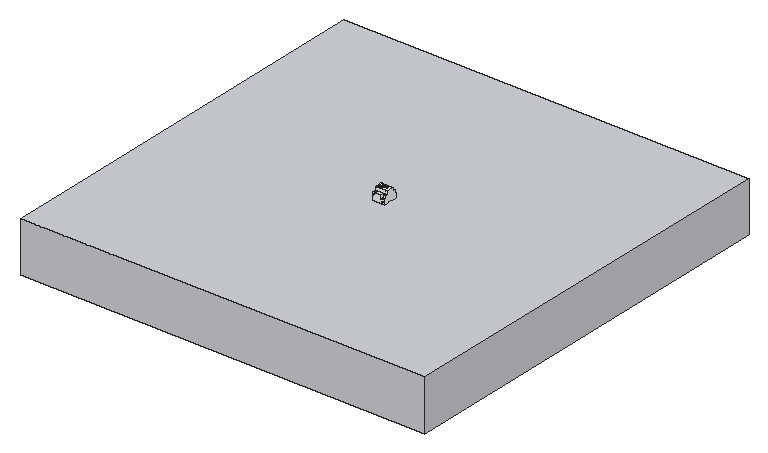
Revit family "Gira_216200", category Elektroinstallationen, Revit 2017
Family settings
  Basisbauteil = Fläche
  Beschriftungsausrichtung beibehalten = Nein
  Bemaßung runder Anschluss = Durchmesser verwenden
  Teiletyp = Normal
  Beim Laden mit Abzugskörper schneiden = Nein
  Gemeinsam genutzt = Nein
  Raumberechnungspunkt = Nein
Parameters (values of type "Raumaktor KNX REG")
  Zusammenstellung = ""
  Zulassung nach PTB = no
  Default Elevation = 1219.2 mm
  Vor Ort-/Handbedienung = no
  Verschiedene Phasen anschließbar = no
  Ventilschutzfunktion = no
  URL = "https://www.gira.de/"
  Typname = "Raumaktor KNX REG"
  Type Comments = ""
  Tarifumschaltung = no
  Stromart = "AC"
  Stellgröße stetig = no
  Stellgröße schaltend = no
  Schutzart (IP) = "IP20"
  S0 Impulsschnittstelle = ""
  Produktseite = "https://media.stage.bim.site/t/eyJhbGciOiJIUzI1NiIsInR5cCI6IkpXVCJ9.eyJjdCI6MiwidHUiOiJodHRwOi8va2F0YWxvZy5naXJhLmRlL2RlX0RFL2RhdGVuYmxhdHQuaHRtbD9hcnRpa2VsbnI9MjE2MjAwIiwiY2lkIjoiMzI3N2NjMjMtODFhOS00ZWUzLWE5MGEtYjQ3YmI0YzBiNjE2IiwicmlkIjoiZmZiYmE4ZGQ1ZDY4NGIyOWExZmE2YWZkNWM4MWFmNjYiLCJwaWQiOiJhN2VjNzhkOTMyMDFlODlhMDQyNjA3MWUxZWIwZGYwN2RkN2NmYmE3Iiwic2lkIjoiNjM0NzAiLCJ1dCI6MSwibGMiOiJkZSIsImlhdCI6MTYwMDkzNzI2OSwiaXNzIjoiaHR0cHM6Ly9hcGkubGl2ZS5iaW0uc2l0ZSIsInN1YiI6ImFkbWluQGJpbXNpdGUuZGV2In0.rXy-Ovdn8n6RlCYFur5TeaYn_CsI1DrN3shw2E8ykxo"
  Montageart = "REG"
  Modulare Erweiterungsmöglichkeit = no
  Model = ""
  Mit LED-Anzeige = no
  Mit Busankopplung = no
  Max. Schaltstrom = 2300 A
  Max. Anzahl der Schaltausgänge = 0
  Max. Anzahl der Jalousieausgänge = 0
  LED ansteuern = no
  Kosten = 0
  Hersteller = "Gira"
  HeinzeBIM = "https://www.heinze.de/bim/raumaktor-knx-reg/a7ec78d93201e89a0426071e1eb0df07dd7cfba7"
  Handschaltung = no
  HAN = "216200"
  Geeignet für C-Last = no
  GTIN = "4010337059370"
  Funktion Schalten = yes
  Datenblatt 1 = "https://media.stage.bim.site/t/eyJhbGciOiJIUzI1NiIsInR5cCI6IkpXVCJ9.eyJjdCI6MSwidGYiOiJwdWJsaWMvZ2lyYS9hZThjNTU3LzIxNjIwMC50eHQiLCJjaWQiOiIzMjc3Y2MyMy04MWE5LTRlZTMtYTkwYS1iNDdiYjRjMGI2MTYiLCJyaWQiOiJmZmJiYThkZDVkNjg0YjI5YTFmYTZhZmQ1YzgxYWY2NiIsInBpZCI6ImE3ZWM3OGQ5MzIwMWU4OWEwNDI2MDcxZTFlYjBkZjA3ZGQ3Y2ZiYTciLCJzaWQiOiI2MzQ3MCIsInV0IjoxLCJsYyI6ImRlIiwiaWF0IjoxNjAwOTM3MjY5LCJpc3MiOiJodHRwczovL2FwaS5saXZlLmJpbS5zaXRlIiwic3ViIjoiYWRtaW5AYmltc2l0ZS5kZXYifQ.o_l85KK0Rf3CrtvRNYH1Rs8kdLbeO4Ez86h2Ch-HcJo/216200.txt"
  Datenblatt = "https://media.stage.bim.site/t/eyJhbGciOiJIUzI1NiIsInR5cCI6IkpXVCJ9.eyJjdCI6MSwidHUiOiJodHRwczovL2thdGFsb2cuZ2lyYS5kZS9kZV9ERS9kb3dubG9hZC5odG1sP2FydGlrZWxucj0yMTYyMDAiLCJjaWQiOiIzMjc3Y2MyMy04MWE5LTRlZTMtYTkwYS1iNDdiYjRjMGI2MTYiLCJyaWQiOiJmZmJiYThkZDVkNjg0YjI5YTFmYTZhZmQ1YzgxYWY2NiIsInBpZCI6ImE3ZWM3OGQ5MzIwMWU4OWEwNDI2MDcxZTFlYjBkZjA3ZGQ3Y2ZiYTciLCJzaWQiOiI2MzQ3MCIsInV0IjoxLCJsYyI6ImRlIiwiaWF0IjoxNjAwOTM3MjY5LCJpc3MiOiJodHRwczovL2FwaS5saXZlLmJpbS5zaXRlIiwic3ViIjoiYWRtaW5AYmltc2l0ZS5kZXYifQ.uWdPMH9-FqOu5X1j4nXZM4upIa-3SiT4_jiLwkNSXv4"
  Bussystem Powernet = no
  Bussystem LON = no
  Bussystem KNX-Funk = no
  Bussystem KNX = yes
  Bussystem Funkbus = no
  Busspannung pufferbar = no
  Busfähig = ""
  Breite in Teilungseinheiten = 4
  Blindleistung = no
  Beschreibung = "KNX Raumaktor  REG plus Merkmale:  Der Raumaktor steuert in einem Gerät drei verschiedene Gewerke, wie Beleuchtung, Jalousie und Heizung. Die vier Relaisausgänge lassen sich in der ETS (Engineering Tool Software) entweder auf Jalousiebetrieb oder Schaltbetrieb einstellen, auch ein Mischbetrieb ist möglich.  Zwei Schaltausgänge ergeben einen Jalousieausgang.  Zusätzlich sind zwei weitere elektronische Schaltausgänge für die Ansteuerung von Stellantrieben vorhanden. Schaltbetrieb:  Der Raumaktor steuert mit seinen Relaiskontakten elektrische Verbraucher wie bspw. Beleuchtungsanlagen. Die Relaiskontakte sind bistabil, so dass der zuletzt eingestellte Schaltzustand auch bei Ausfall der Versorgungsspannung unverändert bleibt.  Funktionseigenschaften je Ausgang: umfangreiche Zeitfunktionen, logische Verknüpfungen, Szenen, Sperrfunktionen oder alternativ Zwangsführungen, erweiterte Rückmeldungen, eine zyklische Überwachung der eintreffenden Schalttelegramme sowie einen Betriebsstundenzähler. Jalousiebetrieb:  Der Raumaktor steuert mit seinen Relaiskontakten elektrisch betriebene Jalousien, Rollläden, Markisen, Lüftungsklappen oder ähnliche Behänge mit einer Netzspannung von AC 230 V.  Funktionseigenschaften für jeden Ausgangskanal: separat parametrierbare Fahrzeiten, erweiterte Rückmeldefunktionen, Zuordnungen auf bis zu fünf verschiedene Sicherheitsfunktionen, eine umfangreiche Sonnenschutzfunktion und die Einbindung in Szenen oder Zwangsführungen. Raumtemperaturregelung:  Zwei zusätzliche elektronische Schaltausgänge dienen der geräuschlosen Ansteuerung von elektrothermischen Stellantrieben für Heiz- oder Kühlanlagen.  Stetige Stellgrößentelegramme werden in ein pulsweitenmoduliertes Ausgangssignal (PWM) umgesetzt. Dadurch können die Stellantriebe stetig angesteuert werden. Alternativ ist die Umsetzung von schaltenden Stellgrößen möglich. Statusmeldung für die Ventilstellung und die zyklische Überwachung der Stellgrößentelegramme.  Notbetrieb bei Busspannungsausfall oder Bus- und Netzspannungswiederkehr plus Zwangsstellung über Bustelegramm im Sommer- und Winterbetrieb.  Alarmmeldung bei Kurzschluss oder Überlast des Schaltausgangs und Festsitzschutz für die Ventile. Es können stromlos geschlossene oder geöffnete Ventilantriebe angeschlossen werden.  Überwachung der Netzspannungsversorgung und damit im Störfall die Aussendung einer Alarmmeldung auf den Bus.  Sammelmeldungen alle Ventile geschlossen\" und \"größte Stellgröße\".  Hinweise :  VDE-Zulassung gemäß EN 60669-1, EN 60669-2-1.  Montage auf DIN-Hutschiene.\""
  Assembly Code = ""
  Keynote = ""
  BIMSITE_PRODUCT_ID = "a7ec78d93201e89a0426071e1eb0df07dd7cfba7"
  BIM = "https://media.stage.bim.site/t/eyJhbGciOiJIUzI1NiIsInR5cCI6IkpXVCJ9.eyJjdCI6MSwidGYiOiJwdWJsaWMvZ2lyYS9hZThjNTU3L1JFRyA4Zi5yZmEiLCJjaWQiOiIzMjc3Y2MyMy04MWE5LTRlZTMtYTkwYS1iNDdiYjRjMGI2MTYiLCJyaWQiOiJmZmJiYThkZDVkNjg0YjI5YTFmYTZhZmQ1YzgxYWY2NiIsInBpZCI6ImE3ZWM3OGQ5MzIwMWU4OWEwNDI2MDcxZTFlYjBkZjA3ZGQ3Y2ZiYTciLCJzaWQiOiI2MzQ3MCIsInV0Ijo1LCJsYyI6ImRlIiwiaWF0IjoxNjAwOTM3MjY5LCJpc3MiOiJodHRwczovL2FwaS5saXZlLmJpbS5zaXRlIiwic3ViIjoiYWRtaW5AYmltc2l0ZS5kZXYifQ.SkzoniFj1yNVnlo04sBzqJubftZ37vV36DIHL38COC4/REG 8f.rfa"
  Ausgangsstrom [Ampere] = ""
  Ausgangsspannung [Volt] = ""
  Ausführung Text = ""
  Art der Spannungsversorgung = ""
  Anzahl der binären Eingänge = 0
  Anzahl der Eingänge = 0
  Anzahl der Ausgänge = 0
  Anschlussart = ""
  Andere Bussysteme = "ohne"
Reference planes
  plane 1 "Center (Front/Back)": y = 0
  plane 2: z = 0
  plane 3 "Center (Left/Right)": x = 0
Forms (mm)
  Extrusion 1, solid
    sketch origin (0, 0, 0) x (1, 0, 0) y (0, 1, 0)
      loop
        line (-1219.2, 1219.2) -> (-1219.2, -1219.2) -> (1219.2, -1219.2) -> (1219.2, 1219.2) -> (-1219.2, 1219.2)
    from 0 to -304.8
  Extrusion 2, solid, material "White", detail levels fine
    sketch origin (0, 0, 0) x (0, 1, 0) y (0, 0, 1)
      loop
        line (45.125, -2.619) -> (45.125, 24.95) -> (33.875, 24.95) -> (33.875, 43.8) -> (22.575, 43.8) -> (22.575, 62.05)
        arc (22.575, 62.05) -> (22.311, 62.686) -> (21.675, 62.95) r 0.9
        line (21.675, 62.95) -> (-21.175, 62.95)
        arc (-21.175, 62.95) -> (-21.785, 62.758) -> (-22.175, 62.25) r 1.064
        line (-22.175, 62.25) -> (-22.175, 43.8) -> (-44.725, 43.8) -> (-44.725, -2.619)
        arc (-44.725, -2.619) -> (-31.081, -5.433) -> (-17.243, -7.049) r 160
        line (-17.243, -7.049) -> (-13.165, -1.734) -> (-16.399, -0.807) -> (-16.399, 0) -> (17.8, 0) -> (17.8, -1.4) -> (16.8, -1.4) -> (14.749, -4.952)
        arc (14.749, -4.952) -> (18.64, -6.184) -> (22.7, -6.6) r 20
        arc (22.7, -6.6) -> (33.983, -5.009) -> (45.125, -2.619) r 160
    from -36 to 36
  Extrusion 3, void, detail levels fine
    sketch origin (0, 0, 0) x (1, 0, 0) y (0, 1, 0)
      loop
        circle (30, 26.925) r 2.55
      loop
        circle (21.75, 26.925) r 2.55
      loop
        circle (12.75, 26.925) r 2.55
      loop
        circle (4.5, 26.925) r 2.55
      loop
        circle (-4.5, 26.925) r 2.55
      loop
        circle (-12.75, 26.925) r 2.55
      loop
        circle (-21.75, 26.925) r 2.55
      loop
        circle (-30, 26.925) r 2.55
    from 37.936 to 43.8
  Extrusion 4, void, detail levels fine
    sketch origin (0, 11.25, -18.85) x (1, 0, 0) y (0, 1, 0)
      loop
        circle (30, 26.925) r 2.55
      loop
        circle (21.75, 26.925) r 2.55
      loop
        circle (12.75, 26.925) r 2.55
      loop
        circle (4.5, 26.925) r 2.55
      loop
        circle (-4.5, 26.925) r 2.55
      loop
        circle (-12.75, 26.925) r 2.55
      loop
        circle (-21.75, 26.925) r 2.55
      loop
        circle (-30, 26.925) r 2.55
    from 37.936 to 43.8
  Extrusion 5, void, detail levels fine
    sketch origin (0, 0, 0) x (1, 0, 0) y (0, 1, 0)
      loop
        circle (-13, -3.875) r 3
      loop
        circle (-23, -3.875) r 3
      loop
        circle (-23, -13.875) r 3
      loop
        circle (-13, -13.875) r 3
      loop
        circle (-29, -3.875) r 1.575
      loop
        circle (-29, -13.875) r 1.575
      loop
        circle (-7, -13.875) r 1.575
      loop
        circle (-15.4, 5.325) r 1.625
      loop
        circle (-11, 5.325) r 1.575
      loop
        circle (-6.6, 5.325) r 1.625
      loop
        circle (-2.2, 5.325) r 1.625
      loop
        circle (2.2, 5.325) r 1.625
      loop
        circle (6.6, 5.325) r 1.625
      loop
        circle (11, 5.325) r 1.575
      loop
        circle (15.4, 5.325) r 1.625
    from 58.253 to 62.95
  Extrusion 6, void, detail levels fine
    sketch origin (0, 0, 0) x (1, 0, 0) y (0, 1, 0)
      loop
        line (-32.175, -32.6) -> (-32.175, -34.9) -> (-31.24, -34.36) -> (-31.401, -37.165) -> (-32.175, -36.7) -> (-32.175, -44.875) -> (-20.175, -44.875) -> (-20.175, -37.33) -> (-19.075, -37.965) -> (-19.075, -33.635) -> (-20.175, -34.27) -> (-20.175, -32.6) -> (-32.175, -32.6)
    from 28.5 to 43.8
  Extrusion 7, solid, detail levels fine
    sketch origin (0, 0, 0) x (1, 0, 0) y (0, 1, 0)
      loop
        circle (-29.375, -36.2) r 0.5
      loop
        circle (-23.575, -36.2) r 0.5
    from 28.5 to 37.5
  Extrusion 8, void, detail levels fine
    sketch origin (0, 0, 0) x (1, 0, 0) y (0, 1, 0)
      loop
        line (15.289, -31.489) -> (15.289, -44.875) -> (36, -44.875) -> (36, -31.489) -> (15.289, -31.489)
    from 25 to 43.8
  Extrusion 9, void, detail levels fine
    sketch origin (0, 0, 0) x (1, 0, 0) y (0, 1, 0)
      loop
        circle (21.75, -37.925) r 2.55
      loop
        circle (30, -37.925) r 2.55
    from 19.086 to 24.95
  Extrusion 10, void, detail levels fine
    sketch origin (0, 0, 0) x (1, 0, 0) y (0, 0, 1)
      loop
        line (32.368, 26.75) -> (32.35, 28.865) -> (32.319, 32.45) -> (27.731, 32.45) -> (27.682, 26.75) -> (32.368, 26.75)
      loop
        line (24.118, 26.75) -> (24.1, 28.865) -> (24.069, 32.45) -> (19.481, 32.45) -> (19.432, 26.75) -> (24.118, 26.75)
      loop
        line (15.118, 26.75) -> (15.1, 28.865) -> (15.069, 32.45) -> (10.481, 32.45) -> (10.432, 26.75) -> (15.118, 26.75)
      loop
        line (6.868, 26.75) -> (6.85, 28.865) -> (6.819, 32.45) -> (2.231, 32.45) -> (2.182, 26.75) -> (6.868, 26.75)
      loop
        line (-2.182, 26.75) -> (-2.2, 28.865) -> (-2.231, 32.45) -> (-6.819, 32.45) -> (-6.868, 26.75) -> (-2.182, 26.75)
      loop
        line (-10.432, 26.75) -> (-10.45, 28.865) -> (-10.481, 32.45) -> (-15.069, 32.45) -> (-15.118, 26.75) -> (-10.432, 26.75)
      loop
        line (-19.35, 26.75) -> (-19.369, 28.865) -> (-19.4, 32.45) -> (-23.987, 32.45) -> (-24.037, 26.75) -> (-19.35, 26.75)
      loop
        line (-27.682, 26.75) -> (-27.7, 28.865) -> (-27.731, 32.45) -> (-32.319, 32.45) -> (-32.368, 26.75) -> (-27.682, 26.75)
    from -29.206 to -33.875
  Extrusion 11, void, detail levels fine
    sketch origin (0, 11.25, -19.567) x (1, 0, 0) y (0, 0, 1)
      loop
        line (32.368, 26.75) -> (32.35, 28.865) -> (32.319, 32.45) -> (27.731, 32.45) -> (27.682, 26.75) -> (32.368, 26.75)
      loop
        line (24.118, 26.75) -> (24.1, 28.865) -> (24.069, 32.45) -> (19.481, 32.45) -> (19.432, 26.75) -> (24.118, 26.75)
      loop
        line (15.118, 26.75) -> (15.1, 28.865) -> (15.069, 32.45) -> (10.481, 32.45) -> (10.432, 26.75) -> (15.118, 26.75)
      loop
        line (6.868, 26.75) -> (6.85, 28.865) -> (6.819, 32.45) -> (2.231, 32.45) -> (2.182, 26.75) -> (6.868, 26.75)
      loop
        line (-2.182, 26.75) -> (-2.2, 28.865) -> (-2.231, 32.45) -> (-6.819, 32.45) -> (-6.868, 26.75) -> (-2.182, 26.75)
      loop
        line (-10.432, 26.75) -> (-10.45, 28.865) -> (-10.481, 32.45) -> (-15.069, 32.45) -> (-15.118, 26.75) -> (-10.432, 26.75)
      loop
        line (-19.35, 26.75) -> (-19.369, 28.865) -> (-19.4, 32.45) -> (-23.987, 32.45) -> (-24.037, 26.75) -> (-19.35, 26.75)
      loop
        line (-27.682, 26.75) -> (-27.7, 28.865) -> (-27.731, 32.45) -> (-32.319, 32.45) -> (-32.368, 26.75) -> (-27.682, 26.75)
    from -29.206 to -33.875
  Extrusion 12, void, detail levels fine
    sketch origin (0, 0, 0) x (1, 0, 0) y (0, 0, 1)
      loop
        line (32.319, 12.883) -> (27.731, 12.883) -> (27.682, 7.183) -> (32.368, 7.183) -> (32.35, 9.298) -> (32.319, 12.883)
      loop
        line (24.069, 12.883) -> (19.481, 12.883) -> (19.432, 7.183) -> (24.118, 7.183) -> (24.1, 9.298) -> (24.069, 12.883)
    from 40.588 to 44.725
  Extrusion 13, solid, material "White", detail levels fine
    sketch origin (0, 0, 0) x (1, 0, 0) y (0, 1, 0)
      loop
        circle (-15.4, 5.325) r 1.625
      loop
        circle (-11, 5.325) r 1.575
      loop
        circle (-6.6, 5.325) r 1.625
      loop
        circle (-2.2, 5.325) r 1.625
      loop
        circle (2.2, 5.325) r 1.625
      loop
        circle (6.6, 5.325) r 1.625
      loop
        circle (11, 5.325) r 1.575
      loop
        circle (15.4, 5.325) r 1.625
      loop
        circle (-29, -3.875) r 1.575
      loop
        circle (-29, -13.875) r 1.575
      loop
        circle (-7, -13.875) r 1.575
    from 58.253 to 62.25
  Extrusion 14, solid, material "White", detail levels fine
    sketch origin (0, 0, 0) x (1, 0, 0) y (0, 1, 0)
      loop
        circle (-23, -3.875) r 3
      loop
        circle (-13, -3.875) r 3
      loop
        circle (-23, -13.875) r 3
      loop
        circle (-13, -13.875) r 3
    from 58.253 to 63.841
  Extrusion 15, solid, material "White", detail levels medium
    sketch origin (0, 0, 0) x (0, 1, 0) y (0, 0, 1)
      loop
        line (45.125, -7.049) -> (45.125, 24.95) -> (33.875, 24.95) -> (33.875, 43.8) -> (22.575, 43.8) -> (22.575, 63.841) -> (-22.175, 63.841) -> (-22.175, 43.8) -> (-44.725, 43.8) -> (-44.725, -7.049) -> (45.125, -7.049)
    from -36 to 36
  Extrusion 16, solid, material "White", detail levels coarse
    sketch origin (0, 0, 0) x (0, 1, 0) y (0, 0, 1)
      loop
        line (45.125, -7.049) -> (45.125, 63.841) -> (-44.725, 63.841) -> (-44.725, -7.049) -> (45.125, -7.049)
    from -36 to 36
Cuts and joins
  Extrusion 3, Extrusion 4, Extrusion 5, Extrusion 6, Extrusion 8, Extrusion 9, Extrusion 10, Extrusion 11, Extrusion 12 cuts Extrusion 2
Dimensions and locks
  aligned and locked: plane 2 to Extrusion 1
  aligned and locked: level to Extrusion 1
